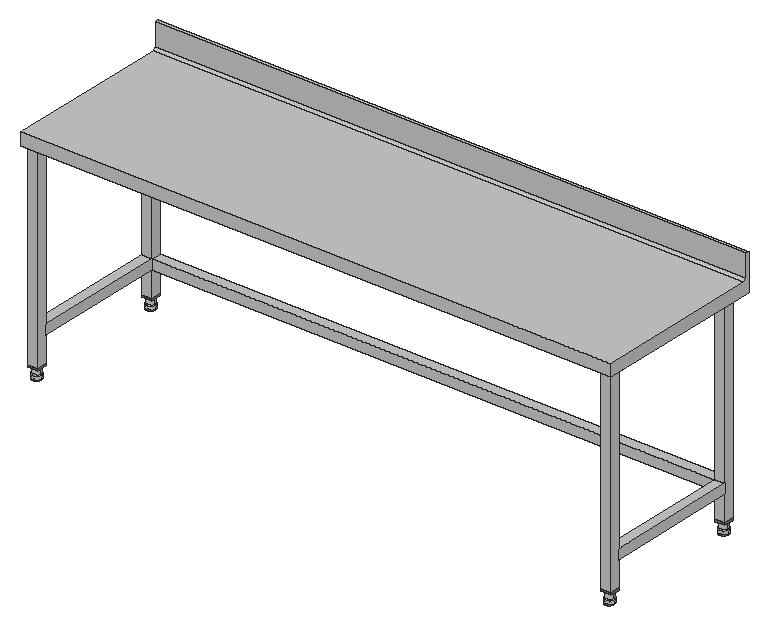
Revit family "QF_ELECTROLUXPROFESSIONAL_133238_TG2400UN", category Attrezzature speciali, Revit 2020
Family settings
  Quota connettore circolare = Usa diametro
  Tipo di parte = Normale
  Basato su piano di lavoro = No
  Sempre verticale = Sì
  Taglio con vuoti quando caricato = No
  Condiviso = No
  Punto di calcolo locali = No
Parameters (values of type "Standard")
  Weight = 84.00 kg
  Watts = 0 W
  Volts = 0 V
  URL Manufacturer = "https://www.electroluxprofessional.com/"
  URL = "https://www.electroluxprofessional.com/"
  Steam Supply Size = 0 mm
  Steam Supply Minimum Pressure = 0.0 Pa
  Steam Supply Maximum Pressure = 0.0 Pa
  Steam Consumption per Hour = 0
  Refrigeration Suction Line Size = 0.0 mm
  Refrigeration Liquid Line Size = 0.0 mm
  Refrigerant Compressor Remote = yes
  Prospetto di default = 0.0 mm
  Produttore = "Electrolux Professional"
  Phase = 0
  Modello = "TG2400UN"
  Length Actual = 2400.0 mm  # constant formula
  Item Number = "133238"
  Hot Water Size = 0 mm
  Height Actual = 1000.0 mm  # constant formula
  HP = "0 HP"
  Gas Size = 0 mm
  Gas KW = 0
  Gas Input Pressure = 0 W
  Direct Waste Size = 0 mm
  Descrizione = "WORK TABLE WITH UPSTAND 2400 MM+UNDERFRAME"
  Depth Actual = 700.0 mm  # constant formula
  Cycle = 0 Hz
  Condensate Return Size = 0 mm
  Compressed Air Volume = 0.0 L/s
  Compressed Air Size = 0 mm
  Compressed Air Pressure = 0.0 Pa
  Cold Water Size = 0 mm
  Accessory = yes
Reference planes
  plane 1 "Center (Front/Back)": y = 0
  plane 2: z = 0
  plane 3 "Center (Left/Right)": x = -700
  plane 4 "LEFT": x = -1900
  plane 5 "RIGHT": x = 500
  plane 6 "BACK": y = 350
  plane 7 "FRONT": y = -350
  plane 8 "Base": z = 850
  plane 9 "TOP": z = 900
  plane 10: x = -1864.5
  plane 11: x = 464.5
  plane 12: y = 269.5
  plane 13: y = -310.5
Forms (mm)
  Extrusion 1, solid, material "QF_Finishes_Stainless Steel"
    sketch origin (-700, 0, 0) x (0, 1, 0) y (0, 0, 1)
      loop
        line (-350, 850) -> (350, 850) -> (350, 1000) -> (337, 1000) -> (337, 910)
        arc (337, 910) -> (334.071, 902.929) -> (327, 900) r 10
        line (327, 900) -> (-350, 900) -> (-350, 850)
    from 1200 to -1200
  Extrusion 2, solid, material "QF_Finishes_Stainless Steel"
    sketch origin (-700, 0, 0) x (0, 1, 0) y (0, 0, 1)
      loop
        line (249.5, 195) -> (249.5, 155) -> (289.5, 155) -> (289.5, 195) -> (249.5, 195)
    from 1144.5 to -1144.5
  Extrusion 3, solid, material "QF_Finishes_Stainless Steel"
    sketch origin (0, 0, 0) x (1, 0, 0) y (0, 0, 1)
      loop
        line (-1844.5, 195) -> (-1884.5, 195) -> (-1884.5, 155) -> (-1844.5, 155) -> (-1844.5, 195)
      loop
        line (484.5, 195) -> (444.5, 195) -> (444.5, 155) -> (484.5, 155) -> (484.5, 195)
    from 290.5 to -249.5
Lines and regions (mm)
  symbolic lines
    curve 1: line (500, 350, 900) -> (-1900, 350, 900)
    curve 2: line (-1900, 350, 900) -> (-1900, -350, 900)
    curve 3: line (-1900, -350, 900) -> (500, -350, 900)
    curve 4: line (500, -350, 900) -> (500, 350, 900)
    curve 5: line (500, 337, 900) -> (-1900, 337, 900)
Dimensions and locks
  plane 4 "LEFT" to plane 5 "RIGHT" = 2400.0 mm
  equal spacing: plane 4 "LEFT", plane 3 "Center (Left/Right)", plane 5 "RIGHT"
  locked: plane 8 "Base" to level at 850
  plane 4 "LEFT" to plane 10 = 35.5 mm
  plane 11 to plane 5 "RIGHT" = 35.5 mm
  plane 10 to plane 11 = 2329.0 mm
  locked: Extrusion 1 to level at 1000
  plane 9 "TOP" to level = 900.0 mm
  plane 6 "BACK" to plane 12 = 80.5 mm
  plane 13 to plane 7 "FRONT" = 39.5 mm
  plane 6 "BACK" to plane 7 "FRONT" = 700.0 mm
  plane 12 to plane 13 = 580.0 mm
  equal spacing: plane 6 "BACK", plane 1 "Center (Front/Back)", plane 7 "FRONT"
  aligned and locked: level to plane 2
  aligned and locked: plane 11 to nested 2
  aligned and locked: nested 2 to plane 12
  aligned and locked: plane 10 to nested 1
  aligned and locked: nested 1 to plane 12
  aligned and locked: Extrusion 1 to plane 4 "LEFT"
  aligned and locked: plane 5 "RIGHT" to Extrusion 1
  aligned and locked: curve 2 to plane 4 "LEFT"
  aligned and locked: Extrusion 3 to nested 1
  aligned and locked: nested 4 to nested 3
  aligned and locked: plane 10 to nested 4
Automatic sketch dimensions
  curve 3 to plane 7 "FRONT" = 0.0 mm
  curve 5 to plane 5 "RIGHT" = 0.0 mm
  curve 4 to plane 6 "BACK" = 0.0 mm
  curve 5 to plane 6 "BACK" = 13.0 mm
  Extrusion 1 sketch curve to plane 7 "FRONT" = 0.0 mm
  Extrusion 1 sketch curve to plane 9 "TOP" = 0.0 mm
  Extrusion 1 sketch curve to plane 6 "BACK" = 0.0 mm
  Extrusion 1 sketch curve to plane 8 "Base" = 0.0 mm
  plane 9 "TOP" to Extrusion 1 sketch curve = 10.0 mm
  Extrusion 1 sketch curve to plane 6 "BACK" = 23.0 mm
  Extrusion 1 sketch curve to Extrusion 1 sketch curve = 90.0 mm
  Extrusion 2 sketch curve to plane 12 = 20.0 mm
  plane 12 to Extrusion 2 sketch curve = 20.0 mm
  level to Extrusion 2 sketch curve = 155.0 mm
  Extrusion 2 sketch curve to Extrusion 2 sketch curve = 40.0 mm
  plane 4 "LEFT" to Extrusion 3 sketch curve = 15.5 mm
  plane 10 to Extrusion 3 sketch curve = 20.0 mm
  Extrusion 3 sketch curve to plane 11 = 20.0 mm
  Extrusion 3 sketch curve to plane 5 "RIGHT" = 15.5 mm
  level to Extrusion 3 sketch curve = 155.0 mm  (x2)
  Extrusion 3 sketch curve to Extrusion 3 sketch curve = 40.0 mm  (x2)
Nested families
  nested 1: "FEET_40x40_APP42" at (-1864.5, 269.5, 0), type "FEET_40x40_APP42"
  nested 2: "FEET_40x40_APP42" at (464.5, 269.5, 0), type "FEET_40x40_APP42"
  nested 3: "FEET_40x40_APP42" at (464.5, -310.5, 0), type "FEET_40x40_APP42"
  nested 4: "FEET_40x40_APP42" at (-1864.5, -310.5, 0), type "FEET_40x40_APP42"
Definition of nested family "FEET_40x40_APP42"
  Parameters
    Default Elevation = 0.0 mm
    FEET = 850.0 mm
  Reference planes
    plane 1 "Center (Front/Back)": y = 0
    plane 2: z = 0
    plane 3 "Center (Left/Right)": x = 0
    plane 4: z = 850
  Forms (mm)
    Extrusion 1, solid
      sketch origin (0, 0, 0) x (1, 0, 0) y (0, 1, 0)
        loop
          line (-20, -20) -> (20, -20) -> (20, 20) -> (-20, 20) -> (-20, -20)
      from 50 to 845
    Extrusion 2, solid
      sketch origin (0, 0, 0) x (1, 0, 0) y (0, 1, 0)
        loop
          circle (0, 0) r 20
      from 0 to 5
    Extrusion 3, solid
      sketch origin (0, 0, 0) x (1, 0, 0) y (0, 1, 0)
        loop
          line (30, 30) -> (-30, 30) -> (-30, -30) -> (30, -30) -> (30, 30)
      from 845 to 850
    Extrusion 4, solid
      sketch origin (0, 0, 0) x (1, 0, 0) y (0, 1, 0)
        loop
          line (-20, -20) -> (20, -20) -> (20, 20) -> (-20, 20) -> (-20, -20)
      from 50 to 42
    Revolve 5, solid
      sketch origin (0, 0, 0) x (1, 0, 0) y (0, 0, 1)
        loop
          line (0, 42) -> (-15, 42) -> (-15, 20) -> (-20, 15) -> (-20, 5) -> (0, 5) -> (0, 42)
        axis (0, 42) -> (0, 5)
      angle from 0 to 360
  Lines and regions (mm)
    symbolic lines
      curve 1: line (0, -1.503, 0) -> (0, 1.508, 0)
      curve 2: line (1.561, 0, 0) -> (-1.439, 0, 0)
  Dimensions and locks
    "FEET": plane 4 to plane 2
    aligned and locked: level to plane 2
  Automatic sketch dimensions
    plane 1 "Center (Front/Back)" to curve 2 = 0.0 mm
    curve 1 to plane 3 "Center (Left/Right)" = 0.0 mm
    curve 2 to plane 3 "Center (Left/Right)" = 1.439 mm
    plane 3 "Center (Left/Right)" to curve 2 = 1.561 mm
    plane 1 "Center (Front/Back)" to curve 1 = 1.503 mm
    curve 1 to plane 1 "Center (Front/Back)" = 1.508 mm
    Extrusion 1 sketch curve to plane 3 "Center (Left/Right)" = 20.0 mm
    plane 3 "Center (Left/Right)" to Extrusion 1 sketch curve = 20.0 mm
    plane 1 "Center (Front/Back)" to Extrusion 1 sketch curve = 20.0 mm
    Extrusion 1 sketch curve to plane 1 "Center (Front/Back)" = 20.0 mm
    plane 1 "Center (Front/Back)" to Extrusion 2 sketch curve = 0.0 mm
    Extrusion 2 sketch curve to plane 3 "Center (Left/Right)" = 0.0 mm
    Extrusion 3 sketch curve to plane 3 "Center (Left/Right)" = 30.0 mm
    plane 3 "Center (Left/Right)" to Extrusion 3 sketch curve = 30.0 mm
    plane 1 "Center (Front/Back)" to Extrusion 3 sketch curve = 30.0 mm
    Extrusion 3 sketch curve to plane 1 "Center (Front/Back)" = 30.0 mm
    Extrusion 4 sketch curve to plane 3 "Center (Left/Right)" = 20.0 mm
    plane 3 "Center (Left/Right)" to Extrusion 4 sketch curve = 20.0 mm
    plane 1 "Center (Front/Back)" to Extrusion 4 sketch curve = 20.0 mm
    Extrusion 4 sketch curve to plane 1 "Center (Front/Back)" = 20.0 mm
    Revolve 5 sketch curve to plane 3 "Center (Left/Right)" = 0.0 mm  (x2)
    Revolve 5 sketch curve to plane 3 "Center (Left/Right)" = 15.0 mm
    Revolve 5 sketch curve to Revolve 5 sketch curve = 5.0 mm  (x3)
    level to Revolve 5 sketch curve = 5.0 mm
    Revolve 5 sketch curve to Revolve 5 sketch curve = 10.0 mm
    Revolve 5 sketch curve to Revolve 5 sketch curve = 22.0 mm
    Revolve 5 sketch curve to level = 9.561 mm
    radius of Extrusion 2 sketch curve = 20.0 mm
